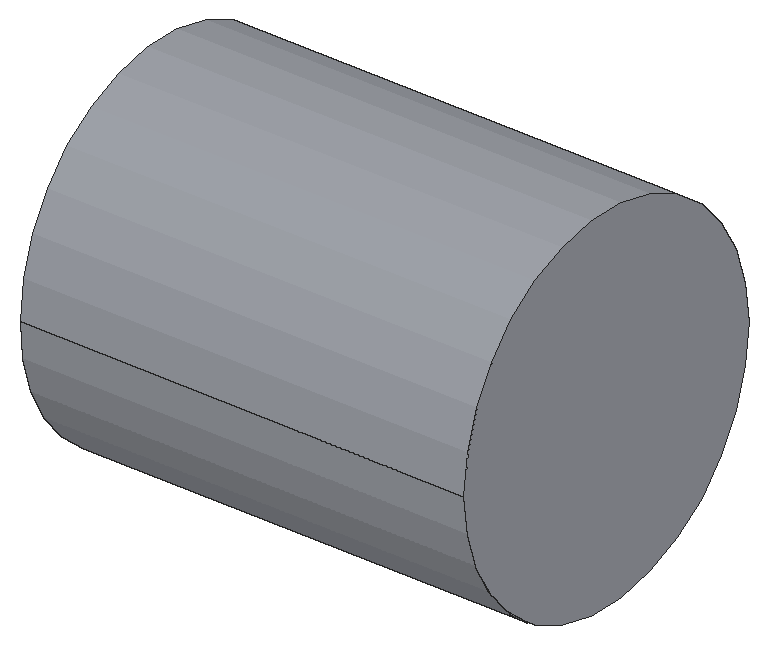
Revit family "BMP_PVC_Cap", category Pipe Fittings, Revit 2024
Family settings
  Round Connector Dimension = Use Diameter
  Part Type = Cap
  Work Plane-Based = No
  Always vertical = No
  Cut with Voids When Loaded = No
  Shared = No
Parameters (values of type "21 mm")
  Default Elevation = 0 mm
  BMP_Zero_mm = 0 mm  # constant formula
  BMP_Z_mm = 7 mm
  BMP_Z2_mm = 0 mm
  BMP_Start_mm = -BMP_L_mm  # -35 mm
  BMP_Parametric_Revision = "2.0"
  BMP_PN_bar = 15
  BMP_Manufacturer = "Binh Minh Plastics - independent catalogue-based BIM"
  BMP_L_mm = 35 mm
  BMP_H_mm = 35 mm
  BMP_H2_mm = 0 mm
  BMP_Geometry_Note = "Native parametric simplified fitting; editable type dimensions in millimeters."
  BMP_D_mm = 28 mm
  BMP_DN_mm = 21 mm
  BMP_DN2_mm = 21 mm
  BMP_D2_mm = 28 mm
  BMP_Catalogue_PDF_Page = "20"
  BMP_Bore_mm = 21.3 mm
  BMP_Bore_Start_mm = -BMP_L_mm  # -35 mm
  BMP_Bore_End_mm = -BMP_Z_mm  # -7 mm
  BMP_Bore2_mm = 21.3 mm
Types (9, lengths in mm): name | BMP_Z_mm | BMP_Start_mm | BMP_PN_bar | BMP_L_mm | BMP_H_mm | BMP_D_mm | BMP_DN_mm | BMP_DN2_mm | BMP_D2_mm | BMP_Bore_mm | BMP_Bore_Start_mm | BMP_Bore_End_mm | BMP_Bore2_mm
  21 mm | 7 | -35 | 15 | 35 | 35 | 28 | 21 | 21 | 28 | 21.3 | -35 | -7 | 21.3
  27 mm | 7 | -41 | 15 | 41 | 41 | 33 | 27 | 27 | 33 | 26.7 | -41 | -7 | 26.7
  34 mm | 8 | -47 | 15 | 47 | 47 | 41 | 34 | 34 | 41 | 33.5 | -47 | -8 | 33.5
  42 mm | 8 | -52 | 15 | 52 | 52 | 50 | 42 | 42 | 50 | 42.2 | -52 | -8 | 42.2
  49 mm | 10 | -64 | 12 | 64 | 64 | 57 | 49 | 49 | 57 | 48.2 | -64 | -10 | 48.2
  60 mm | 10 | -74 | 12 | 74 | 74 | 69 | 60 | 60 | 69 | 60.2 | -74 | -10 | 60.2
  90 mm | 25 | -89 | 12 | 89 | 89 | 103 | 90 | 90 | 103 | 88.8 | -89 | -25 | 88.8
  114 mm | 30 | -114 | 9 | 114 | 114 | 128 | 114 | 114 | 128 | 114.1 | -114 | -30 | 114.1
  168 mm | 42 | -132 | 6 | 132 | 132 | 182 | 168 | 168 | 182 | 168.1 | -132 | -42 | 168.1
Reference planes
  plane 1 "Center (Front/Back)": y = 0
  plane 2: z = 0
  plane 3 "Center (Left/Right)": x = 0
Forms (mm)
  Extrusion 1, solid, material "BMP_PVC"
    sketch origin (0, 0, 0) x (0, 1, 0) y (0, 0, 1)
      loop
        circle (0, 0) r 14
    from -35 <- "BMP_Start_mm" to 0 <- "BMP_Zero_mm"
  Extrusion 2, void
    sketch origin (0, 0, 0) x (0, 1, 0) y (0, 0, 1)
      loop
        circle (0, 0) r 10.65
    from -35 <- "BMP_Bore_Start_mm" to -7 <- "BMP_Bore_End_mm"
Cuts and joins
  Extrusion 2 cuts Extrusion 1
Lines and regions (mm)
  reference lines, not visible
    curve 1: line (0, 3000, 0) -> (0, -3000, 0)
    curve 2: line (0, 0, 3000) -> (0, 0, -3000)
    curve 3: line (0, -3000, 0) -> (0, 3000, 0)
    curve 4: line (0, 0, -3000) -> (0, 0, 3000)
Dimensions and locks
  "BMP_D_mm": diameter of Extrusion 1 sketch curve  (x2)
  "BMP_Bore_mm": diameter of Extrusion 2 sketch curve  (x2)
  aligned and locked: level to plane 2
  aligned and locked: curve 1 to Extrusion 1 sketch curve
  aligned and locked: curve 2 to Extrusion 1 sketch curve
  aligned and locked: curve 3 to Extrusion 2 sketch curve
  aligned and locked: curve 4 to Extrusion 2 sketch curve
Automatic sketch dimensions
  curve 1 to level = 0 mm
  plane 1 "Center (Front/Back)" to curve 1 = 3000 mm
  curve 1 to plane 1 "Center (Front/Back)" = 3000 mm
  curve 2 to plane 1 "Center (Front/Back)" = 0 mm
  curve 2 to level = 3000 mm
  level to curve 2 = 3000 mm
  curve 3 to level = 0 mm
  curve 3 to curve 1 = 0 mm  (x2)
  curve 4 to plane 1 "Center (Front/Back)" = 0 mm
  curve 4 to curve 2 = 0 mm  (x2)
Connectors
  piping at (-35, 0, 0), diameter 21, driven by "BMP_DN_mm"
    settings: on cut or joined group of Extrusion 1, Extrusion 2, index 1, connector inside diameter 609.6 mm, connector length 0 mm, flow factor 0, pipe flow 0.0 L/s, pressure drop 0.0 Pa, fitting loss kfactor 0, connector angle 0.00°, fixture units 0, engagement length 0 mm, angle of deflection 0.00°, flow configuration 0, flow direction 0, fitting loss method 0, system type 28, joint type 0, gender type 0, connector reference index -1, connector utility 0, adjustable connector no, is connector primary yes, connector description ""
